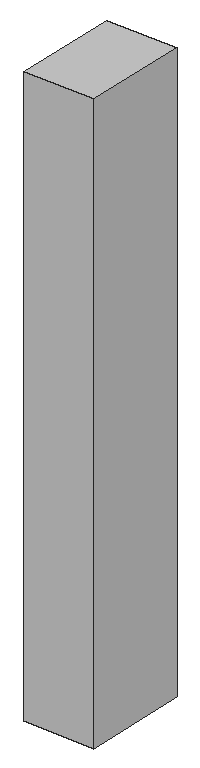
Revit family "60fccd418be64ac9bd44fcb9516ebba0", category Structural Columns, Revit 2026
Family settings
  Display in Hidden Views = Edges Hidden by Other Members
  Section Shape = Not Defined
  Material for Model Behavior = Concrete
  Always export as geometry = No
  Beam cutback in plan = From bounding box
  Seek Item ID = Concrete-Rectangular-Column-0000-CAN-ENU
  Cut with Voids When Loaded = No
  Symbolic Representation = From Family
  Shared = No
  Show family pre-cut in plan views = Yes
Parameters (values of type "300 x 450mm")
  b = 300 mm
  h = 450 mm
  Structural Material [instance] = Concrete, Cast-in-Place gray
Types (4, lengths in mm): name | b | h
  (no name) | 300 | 450
  300 x 450mm | 300 | 450
  450 x 600mm | 450 | 600
  600 x 750mm | 600 | 750
Reference planes
  plane 1 "Center (Front/Back)": y = 0
  plane 2: z = 0
  plane 3 "Center (Left/Right)": x = 0
  plane 4: x = -150
  plane 5: x = 150
  plane 6: y = 225
  plane 7: y = -225
Forms (mm)
  Extrusion 1, solid, material "Concrete, Cast-in-Place gray" <- "Structural Material"
    sketch origin (0, 0, 0) x (1, 0, 0) y (0, 1, 0)
      loop
        line (-150, 225) -> (-150, -225) -> (150, -225) -> (150, 225) -> (-150, 225)
    from 0 to 2500
Dimensions and locks
  equal spacing: plane 4, plane 3 "Center (Left/Right)", plane 5
  equal spacing: plane 7, plane 1 "Center (Front/Back)", plane 6
  "h": plane 7 to plane 6
  "b": plane 4 to plane 5
  aligned and locked: plane 6 to Extrusion 1 sketch curve
  aligned and locked: Extrusion 1 sketch curve to plane 7
  aligned and locked: Extrusion 1 sketch curve to plane 4
  aligned and locked: plane 5 to Extrusion 1 sketch curve
  aligned and locked: level to Extrusion 1
  aligned and locked: level to plane 2
  aligned and locked: Extrusion 1 to plane 2
